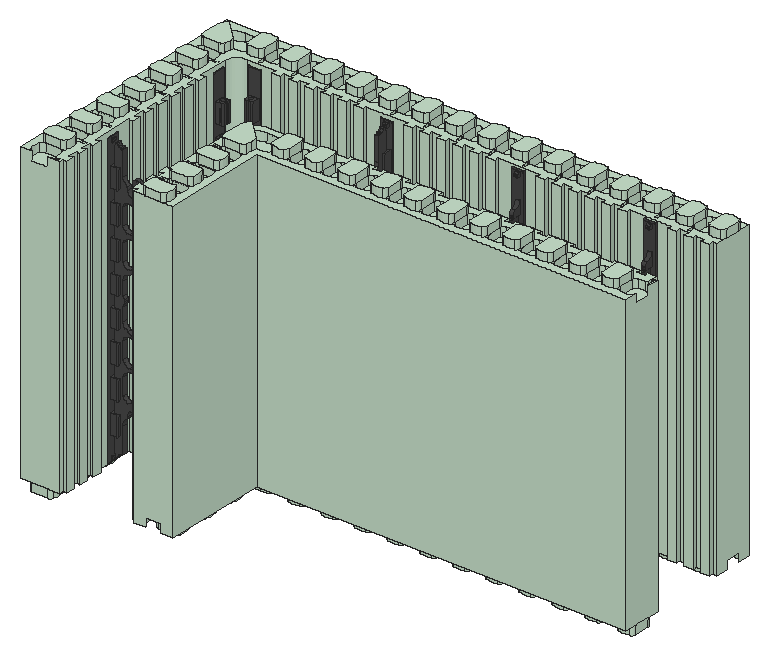
Revit family (continued)
Definition of nested family "NUDURA Diamond Pattern Missing One Line"
  Lines and regions (in)
    model lines
      curve 194: arc (4.29059, -5.625, 16.64142) -> (4.23201, -5.625, 16.5) -> (4.29059, -5.625, 16.35858) r 0.2
